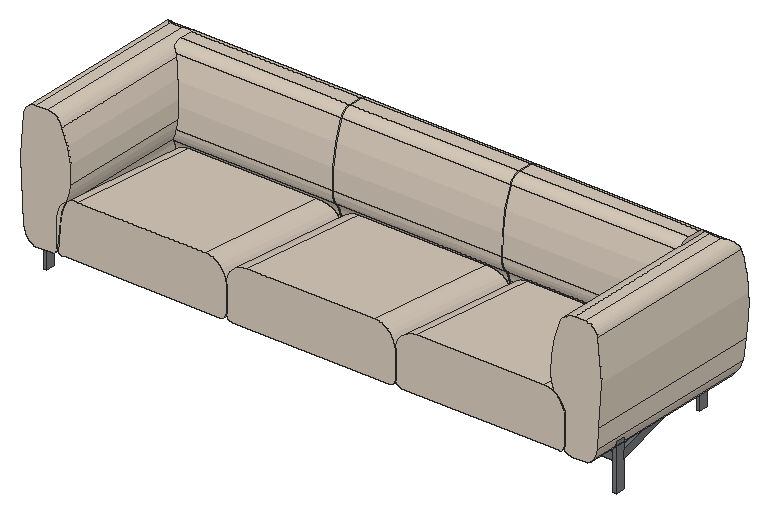
Revit family "FU_Sofa_Sandler_Krosa 7-3", category Furniture, Revit 2022
Family settings
  OmniClass Number = 23.40.20.00
  OmniClass Title = General Furniture and Specialties
  Work Plane-Based = No
  Always vertical = Yes
  Cut with Voids When Loaded = No
  Render Appearance Source = Family Geometry
  Shared = No
  Room Calculation Point = No
Parameters (values of type "Krosa 7.3")
  Width = 2790 mm
  Upholstery [instance] = Fabric - Manhattan - Bronx YI364
  URL = "https://www.sandlerseating.com/product/krosa-7-3/"
  Model = "Krose 7.3"
  Manufacturer = "Sandler"
  Height = 770 mm
  Frame [instance] = Metal Lacquered - RAL 7024 - Anthtacite
  Description = "Three-seat sofa with generous cushioning and proportions. Fully upholstered."
  Depth = 880 mm
  Default Elevation = 0 mm
Reference planes
  plane 1 "Center (Front/Back)": y = 0
  plane 2: z = 0
  plane 3 "Center (Left/Right)": x = 0
  plane 4 "Right": x = -1395
  plane 5 "Left": x = 1395
  plane 6 "Back": y = 440
  plane 7 "Front": y = -440
  plane 8 "Height": z = 770
  plane 9 "Seat Height": z = 425
  plane 10 "Frame Height": z = 169.633
Forms (mm)
  Extrusion 1, solid, material "Fabric - Manhattan - Bronx YI364" <- "Upholstery"
    sketch origin (0, -440, 0) x (-1, 0, 0) y (0, 0, 1)
      loop
        line (1318.682, 769.969) -> (1265.244, 769.969)
        arc (1265.244, 769.969) -> (1221.69, 756.296) -> (1193.766, 720.185) r 76.205
        arc (1193.766, 720.185) -> (1160.193, 606.67) -> (1152.922, 488.517) r 524.674
        arc (1152.922, 488.517) -> (1161.916, 437.402) -> (1183.047, 389.998) r 212.229
        arc (1183.047, 389.998) -> (1195.798, 354.974) -> (1202.27, 318.268) r 213.709
        line (1202.27, 318.268) -> (1213.198, 193.732)
        spline (1213.198, 193.732) -> (1214.007, 189.066) -> (1215.426, 184.805) -> (1217.454, 180.951) -> (1220.091, 177.502) -> (1223.338, 174.459) -> (1227.195, 171.822) -> (1231.66, 169.59) -> (1236.736, 167.764) -> (1242.42, 166.344) -> (1248.714, 165.33) -> (1255.617, 164.721) -> (1263.13, 164.518)
        line (1263.13, 164.518) -> (1318.838, 164.518)
        arc (1318.838, 164.518) -> (1341.308, 172.628) -> (1357.646, 190.054) r 51.164
        arc (1357.646, 190.054) -> (1370.439, 213.609) -> (1376.944, 239.613) r 106.486
        line (1376.944, 239.613) -> (1383.645, 335.57)
        arc (1383.645, 335.57) -> (1394.842, 527.806) -> (1377.888, 719.619) r 1316.998
        arc (1377.888, 719.619) -> (1357.542, 755.68) -> (1318.682, 769.969) r 59.986
    from 0 to 880
  SweptBlend 2, solid, material "Fabric - Manhattan - Bronx YI364" <- "Upholstery"
    path origin (0, 0, 169.633) x (-1, 0, 0) y (0, -1, 0)
      loop
        line (0, 440) -> (0, -268.885)
    profile origin (0, -440, 169.633) x (-1, 0, 0) y (0, 0, 1)
      loop
        arc (376, 0) -> (397.213, 8.787) -> (406, 30) r 30
        line (406, 30) -> (406, 155.367)
        arc (406, 155.367) -> (376.711, 226.077) -> (306, 255.367) r 100
        line (306, 255.367) -> (-306, 255.367)
        arc (-306, 255.367) -> (-376.711, 226.077) -> (-406, 155.367) r 100
        line (-406, 155.367) -> (-406, 30)
        arc (-406, 30) -> (-397.213, 8.787) -> (-376, 0) r 30
        line (-376, 0) -> (376, 0)
    end profile origin (0, 268.885, 169.633) x (-1, 0, 0) y (0, 0, 1)
      loop
        arc (386, 0) -> (400.142, 5.858) -> (406, 20) r 20
        line (406, 20) -> (406, 89.86)
        arc (406, 89.86) -> (376.711, 160.571) -> (306, 189.86) r 100
        line (306, 189.86) -> (-306, 189.86)
        arc (-306, 189.86) -> (-376.711, 160.571) -> (-406, 89.86) r 100
        line (-406, 89.86) -> (-406, 20)
        arc (-406, 20) -> (-400.142, 5.858) -> (-386, 0) r 20
        line (-386, 0) -> (386, 0)
  SweptBlend 3, solid, material "Fabric - Manhattan - Bronx YI364" <- "Upholstery"
    path origin (812, 0, 169.633) x (-1, 0, 0) y (0, -1, 0)
      loop
        line (0, 440) -> (0, -268.885)
    profile origin (812, -440, 169.633) x (-1, 0, 0) y (0, 0, 1)
      loop
        arc (376, 0) -> (397.213, 8.787) -> (406, 30) r 30
        line (406, 30) -> (406, 155.367)
        arc (406, 155.367) -> (376.711, 226.077) -> (306, 255.367) r 100
        line (306, 255.367) -> (-306, 255.367)
        arc (-306, 255.367) -> (-376.711, 226.077) -> (-406, 155.367) r 100
        line (-406, 155.367) -> (-406, 30)
        arc (-406, 30) -> (-397.213, 8.787) -> (-376, 0) r 30
        line (-376, 0) -> (376, 0)
    end profile origin (812, 268.885, 169.633) x (-1, 0, 0) y (0, 0, 1)
      loop
        arc (386, 0) -> (400.142, 5.858) -> (406, 20) r 20
        line (406, 20) -> (406, 89.86)
        arc (406, 89.86) -> (376.711, 160.571) -> (306, 189.86) r 100
        line (306, 189.86) -> (-306, 189.86)
        arc (-306, 189.86) -> (-376.711, 160.571) -> (-406, 89.86) r 100
        line (-406, 89.86) -> (-406, 20)
        arc (-406, 20) -> (-400.142, 5.858) -> (-386, 0) r 20
        line (-386, 0) -> (386, 0)
  SweptBlend 4, solid, material "Fabric - Manhattan - Bronx YI364" <- "Upholstery"
    path origin (-812, 0, 169.633) x (-1, 0, 0) y (0, -1, 0)
      loop
        line (0, 440) -> (0, -268.885)
    profile origin (-812, -440, 169.633) x (-1, 0, 0) y (0, 0, 1)
      loop
        arc (376, 0) -> (397.213, 8.787) -> (406, 30) r 30
        line (406, 30) -> (406, 155.367)
        arc (406, 155.367) -> (376.711, 226.077) -> (306, 255.367) r 100
        line (306, 255.367) -> (-306, 255.367)
        arc (-306, 255.367) -> (-376.711, 226.077) -> (-406, 155.367) r 100
        line (-406, 155.367) -> (-406, 30)
        arc (-406, 30) -> (-397.213, 8.787) -> (-376, 0) r 30
        line (-376, 0) -> (376, 0)
    end profile origin (-812, 268.885, 169.633) x (-1, 0, 0) y (0, 0, 1)
      loop
        arc (386, 0) -> (400.142, 5.858) -> (406, 20) r 20
        line (406, 20) -> (406, 89.86)
        arc (406, 89.86) -> (376.711, 160.571) -> (306, 189.86) r 100
        line (306, 189.86) -> (-306, 189.86)
        arc (-306, 189.86) -> (-376.711, 160.571) -> (-406, 89.86) r 100
        line (-406, 89.86) -> (-406, 20)
        arc (-406, 20) -> (-400.142, 5.858) -> (-386, 0) r 20
        line (-386, 0) -> (386, 0)
  Extrusion 5, solid, material "Fabric - Manhattan - Bronx YI364" <- "Upholstery"
    sketch origin (0, -440, 0) x (1, 0, 0) y (0, 0, -1)
      loop
        arc (1318.682, -769.969) -> (1357.542, -755.68) -> (1377.888, -719.619) r 59.986
        arc (1377.888, -719.619) -> (1394.842, -527.806) -> (1383.645, -335.57) r 1316.998
        line (1383.645, -335.57) -> (1376.944, -239.613)
        arc (1376.944, -239.613) -> (1370.439, -213.609) -> (1357.646, -190.054) r 106.486
        arc (1357.646, -190.054) -> (1341.308, -172.628) -> (1318.838, -164.518) r 51.164
        line (1318.838, -164.518) -> (1263.13, -164.518)
        spline (1263.13, -164.518) -> (1255.617, -164.721) -> (1248.714, -165.33) -> (1242.42, -166.344) -> (1236.736, -167.764) -> (1231.66, -169.59) -> (1227.195, -171.822) -> (1223.338, -174.459) -> (1220.091, -177.502) -> (1217.454, -180.951) -> (1215.426, -184.805) -> (1214.007, -189.066) -> (1213.198, -193.732)
        line (1213.198, -193.732) -> (1202.27, -318.268)
        arc (1202.27, -318.268) -> (1195.798, -354.974) -> (1183.047, -389.998) r 213.709
        arc (1183.047, -389.998) -> (1161.916, -437.402) -> (1152.922, -488.517) r 212.229
        arc (1152.922, -488.517) -> (1160.193, -606.67) -> (1193.766, -720.185) r 524.674
        arc (1193.766, -720.185) -> (1221.69, -756.296) -> (1265.244, -769.969) r 76.205
        line (1265.244, -769.969) -> (1318.682, -769.969)
    from 0 to 880
  Extrusion 6, solid, material "Fabric - Manhattan - Bronx YI364" <- "Upholstery"
    sketch origin (0, 0, 0) x (0, 1, 0) y (0, 0, 1)
      loop
        arc (301.52, 770) -> (269.678, 760.315) -> (248.623, 734.539) r 57.185
        arc (248.623, 734.539) -> (207.476, 592.359) -> (197.75, 444.665) r 686.756
        arc (197.75, 444.665) -> (201.991, 410.777) -> (216.353, 379.791) r 110.79
        arc (216.353, 379.791) -> (235.885, 352.907) -> (245.045, 320.964) r 95.683
        line (245.045, 320.964) -> (258.368, 194.204)
        arc (258.368, 194.204) -> (269.155, 173.033) -> (291.337, 164.518) r 33.151
        line (291.337, 164.518) -> (363.891, 164.518)
        arc (363.891, 164.518) -> (382.888, 169.273) -> (399.666, 179.373) r 66.245
        arc (399.666, 179.373) -> (417.325, 205.561) -> (427.089, 235.6) r 113.567
        arc (427.089, 235.6) -> (439.973, 424.145) -> (434.655, 613.055) r 1961.781
        arc (434.655, 613.055) -> (427.811, 671.355) -> (416.269, 728.908) r 724.4
        arc (416.269, 728.908) -> (399.005, 757.118) -> (368.543, 770) r 54.08
        line (368.543, 770) -> (301.52, 770)
    from 406 to 1218
  Extrusion 7, solid, material "Fabric - Manhattan - Bronx YI364" <- "Upholstery"
    sketch origin (0, 0, 0) x (0, 1, 0) y (0, 0, 1)
      loop
        arc (301.52, 770) -> (269.678, 760.315) -> (248.623, 734.539) r 57.185
        arc (248.623, 734.539) -> (207.476, 592.359) -> (197.75, 444.665) r 686.756
        arc (197.75, 444.665) -> (201.991, 410.777) -> (216.353, 379.791) r 110.79
        arc (216.353, 379.791) -> (235.885, 352.907) -> (245.045, 320.964) r 95.683
        line (245.045, 320.964) -> (258.368, 194.204)
        arc (258.368, 194.204) -> (269.155, 173.033) -> (291.337, 164.518) r 33.151
        line (291.337, 164.518) -> (363.891, 164.518)
        arc (363.891, 164.518) -> (382.888, 169.273) -> (399.666, 179.373) r 66.245
        arc (399.666, 179.373) -> (417.325, 205.561) -> (427.089, 235.6) r 113.567
        arc (427.089, 235.6) -> (439.973, 424.145) -> (434.655, 613.055) r 1961.781
        arc (434.655, 613.055) -> (427.811, 671.355) -> (416.269, 728.908) r 724.4
        arc (416.269, 728.908) -> (399.005, 757.118) -> (368.543, 770) r 54.08
        line (368.543, 770) -> (301.52, 770)
    from 406 to -406
  Extrusion 8, solid, material "Fabric - Manhattan - Bronx YI364" <- "Upholstery"
    sketch origin (0, 0, 0) x (0, 1, 0) y (0, 0, 1)
      loop
        arc (301.52, 770) -> (269.678, 760.315) -> (248.623, 734.539) r 57.185
        arc (248.623, 734.539) -> (207.476, 592.359) -> (197.75, 444.665) r 686.756
        arc (197.75, 444.665) -> (201.991, 410.777) -> (216.353, 379.791) r 110.79
        arc (216.353, 379.791) -> (235.885, 352.907) -> (245.045, 320.964) r 95.683
        line (245.045, 320.964) -> (258.368, 194.204)
        arc (258.368, 194.204) -> (269.155, 173.033) -> (291.337, 164.518) r 33.151
        line (291.337, 164.518) -> (363.891, 164.518)
        arc (363.891, 164.518) -> (382.888, 169.273) -> (399.666, 179.373) r 66.245
        arc (399.666, 179.373) -> (417.325, 205.561) -> (427.089, 235.6) r 113.567
        arc (427.089, 235.6) -> (439.973, 424.145) -> (434.655, 613.055) r 1961.781
        arc (434.655, 613.055) -> (427.811, 671.355) -> (416.269, 728.908) r 724.4
        arc (416.269, 728.908) -> (399.005, 757.118) -> (368.543, 770) r 54.08
        line (368.543, 770) -> (301.52, 770)
    from -1218 to -406
  Extrusion 9, void
    sketch origin (0, 0, 0) x (0, 1, 0) y (0, 0, 1)
      loop
        arc (417.304, 724.591) -> (428.155, 669.162) -> (434.655, 613.055) r 724.4
        arc (434.655, 613.055) -> (439.973, 424.145) -> (427.089, 235.6) r 1961.781
        arc (427.089, 235.6) -> (417.325, 205.561) -> (399.666, 179.373) r 113.567
        arc (399.666, 179.373) -> (378.672, 168.204) -> (355.322, 163.7) r 80
        line (355.322, 163.7) -> (355.322, 138.7) -> (495.322, 138.7) -> (495.322, 793.7) -> (360.938, 793.7) -> (360.938, 770.743)
        arc (360.938, 770.743) -> (396.928, 757.201) -> (417.304, 724.591) r 60
    from 1134.24 to 1415.022
  Extrusion 10, void
    sketch origin (0, 0, 0) x (0, 1, 0) y (0, 0, -1)
      loop
        arc (417.304, -724.591) -> (396.928, -757.201) -> (360.938, -770.743) r 60
        line (360.938, -770.743) -> (360.938, -793.7) -> (495.322, -793.7) -> (495.322, -138.7) -> (355.322, -138.7) -> (355.322, -163.7)
        arc (355.322, -163.7) -> (378.672, -168.204) -> (399.666, -179.373) r 80
        arc (399.666, -179.373) -> (417.325, -205.561) -> (427.089, -235.6) r 113.567
        arc (427.089, -235.6) -> (439.973, -424.145) -> (434.655, -613.055) r 1961.781
        arc (434.655, -613.055) -> (428.155, -669.162) -> (417.304, -724.591) r 724.4
    from 1134.24 to 1415.022
  Extrusion 11, solid, material "Metal Lacquered - RAL 7024 - Anthtacite" <- "Frame"
    sketch origin (0, 0, 0) x (0, 1, 0) y (0, 0, 1)
      loop
        line (-315.677, 129.72) -> (-299.696, 129.72) -> (-299.696, 169.633) -> (-315.677, 169.633) -> (-315.677, 129.72)
    from -1360 to 1360
  Extrusion 12, solid, material "Metal Lacquered - RAL 7024 - Anthtacite" <- "Frame"
    sketch origin (0, 0, 169.633) x (-1, 0, 0) y (0, -1, 0)
      loop
        line (-1359.831, 283.709) -> (-1359.831, 326.325) -> (-1374.989, 326.325) -> (-1374.989, 283.709) -> (-1359.831, 283.709)
    from 129.72 to -169.633
  Extrusion 13, solid, material "Metal Lacquered - RAL 7024 - Anthtacite" <- "Frame"
    sketch origin (0, 0, 169.633) x (-1, 0, 0) y (0, -1, 0)
      loop
        line (1226.288, -361.814) -> (1211.129, -361.814) -> (1211.129, -404.43) -> (1226.288, -404.43) -> (1226.288, -361.814)
    from 129.72 to -169.633
  Extrusion 14, solid, material "Metal Lacquered - RAL 7024 - Anthtacite" <- "Frame"
    sketch origin (0, 0, 169.633) x (1, 0, 0) y (0, 1, 0)
      loop
        line (-1359.831, -283.709) -> (-1374.989, -283.709) -> (-1374.989, -326.325) -> (-1359.831, -326.325) -> (-1359.831, -283.709)
    from 129.72 to -169.633
  Extrusion 15, solid, material "Metal Lacquered - RAL 7024 - Anthtacite" <- "Frame"
    sketch origin (0, 0, 169.633) x (1, 0, 0) y (0, 1, 0)
      loop
        line (1226.288, 361.814) -> (1226.288, 404.43) -> (1211.129, 404.43) -> (1211.129, 361.814) -> (1226.288, 361.814)
    from 129.72 to -169.633
  Extrusion 16, solid, material "Metal Lacquered - RAL 7024 - Anthtacite" <- "Frame"
    sketch origin (0, 0, 169.633) x (-1, 0, 0) y (0, -1, 0)
      loop
        line (412.217, -361.808) -> (397.059, -361.808) -> (397.059, -404.424) -> (412.217, -404.424) -> (412.217, -361.808)
      loop
        line (-412.217, -361.808) -> (-412.217, -404.424) -> (-397.059, -404.424) -> (-397.059, -361.808) -> (-412.217, -361.808)
    from -169.633 to 129.72
  Extrusion 17, solid, material "Metal Lacquered - RAL 7024 - Anthtacite" <- "Frame"
    sketch origin (0, 0, 169.633) x (-1, 0, 0) y (0, -1, 0)
      loop
        line (1374.989, 283.709) -> (1359.831, 283.709) -> (1211.129, -361.814) -> (1226.288, -361.814) -> (1374.989, 283.709)
      loop
        line (397.059, -361.808) -> (412.217, -361.808) -> (412.217, 299.696) -> (397.059, 299.696) -> (397.059, -361.808)
      loop
        line (-1374.989, 283.709) -> (-1226.288, -361.814) -> (-1211.129, -361.814) -> (-1359.831, 283.709) -> (-1374.989, 283.709)
      loop
        line (-397.059, -361.808) -> (-397.059, 299.696) -> (-412.217, 299.696) -> (-412.217, -361.808) -> (-397.059, -361.808)
    from -39.914 to 0
Cuts and joins
  Extrusion 9, Extrusion 10 cuts Extrusion 5
  Extrusion 10 cuts Extrusion 1
Dimensions and locks
  equal spacing: plane 6 "Back", plane 1 "Center (Front/Back)", plane 7 "Front"
  "Depth": plane 6 "Back" to plane 7 "Front"
  equal spacing: plane 4 "Right", plane 3 "Center (Left/Right)", plane 5 "Left"
  "Width": plane 4 "Right" to plane 5 "Left"
  "Height": plane 8 "Height" to level
  aligned and locked: level to plane 2
Automatic sketch dimensions
  Extrusion 1 sketch curve to plane 3 "Center (Left/Right)" = 77.992 mm
  Extrusion 1 sketch curve to plane 9 "Seat Height" = 125.345 mm
  plane 4 "Right" to Extrusion 1 sketch curve = 405.627 mm
  plane 4 "Right" to Extrusion 1 sketch curve = 192.73 mm
  plane 10 "Frame Height" to Extrusion 1 sketch curve = 24.098 mm
  Extrusion 1 sketch curve to Extrusion 1 sketch curve = 10.928 mm
  Extrusion 1 sketch curve to plane 10 "Frame Height" = 5.115 mm
  Extrusion 1 sketch curve to Extrusion 1 sketch curve = 49.932 mm
  Extrusion 1 sketch curve to plane 8 "Height" = 0.031 mm
  plane 4 "Right" to Extrusion 1 sketch curve = 129.756 mm
  Extrusion 1 sketch curve to Extrusion 1 sketch curve = 58.012 mm
  Extrusion 1 sketch curve to Extrusion 1 sketch curve = 41.973 mm
  Extrusion 1 sketch curve to Extrusion 1 sketch curve = 53.438 mm
  Extrusion 1 sketch curve to Extrusion 1 sketch curve = 5.655 mm
  plane 4 "Right" to Extrusion 1 sketch curve = 30.132 mm
  plane 4 "Right" to Extrusion 1 sketch curve = 18.056 mm
  plane 4 "Right" to Extrusion 1 sketch curve = 11.355 mm
  plane 9 "Seat Height" to Extrusion 1 sketch curve = 90.573 mm
  Extrusion 1 sketch curve to plane 4 "Right" = 281.897 mm
  plane 10 "Frame Height" to Extrusion 1 sketch curve = 45.735 mm
  Extrusion 1 sketch curve to Extrusion 1 sketch curve = 24.244 mm
  Extrusion 1 sketch curve to Extrusion 1 sketch curve = 36.88 mm
  Extrusion 1 sketch curve to Extrusion 1 sketch curve = 66.019 mm
  Extrusion 1 sketch curve to plane 9 "Seat Height" = 89.43 mm
  plane 9 "Seat Height" to Extrusion 1 sketch curve = 74.461 mm
  plane 9 "Seat Height" to Extrusion 1 sketch curve = 83.065 mm
  Extrusion 1 sketch curve to Extrusion 1 sketch curve = 76.205 mm
  Extrusion 1 sketch curve to Extrusion 1 sketch curve = 16.219 mm
  Extrusion 1 sketch curve to Extrusion 1 sketch curve = 49.348 mm
  Extrusion 1 sketch curve to Extrusion 1 sketch curve = 0 mm
  SweptBlend 2 sketch curve to plane 3 "Center (Left/Right)" = 0 mm
  SweptBlend 2 sketch curve to plane 7 "Front" = 0 mm
  SweptBlend 2 sketch curve to plane 6 "Back" = 171.115 mm
  SweptBlend 2 sketch curve to plane 10 "Frame Height" = 0 mm  (x2)
  profile plane to SweptBlend 2 sketch curve = 406 mm  (x2)
  SweptBlend 2 sketch curve to SweptBlend 2 sketch curve = 30 mm
  SweptBlend 2 sketch curve to SweptBlend 2 sketch curve = 100 mm  (x2)
  SweptBlend 2 sketch curve to profile plane = 306 mm  (x2)
  plane 10 "Frame Height" to SweptBlend 2 sketch curve = 30 mm
  SweptBlend 2 sketch curve to SweptBlend 2 sketch curve = 70 mm
  SweptBlend 2 sketch curve to SweptBlend 2 sketch curve = 125.367 mm
  plane 10 "Frame Height" to SweptBlend 2 sketch curve = 20 mm  (x2)
  plane 10 "Frame Height" to SweptBlend 2 sketch curve = 89.86 mm
  SweptBlend 2 sketch curve to SweptBlend 2 sketch curve = 80 mm
  SweptBlend 3 sketch curve to plane 7 "Front" = 0 mm
  SweptBlend 3 sketch curve to plane 6 "Back" = 171.115 mm
  SweptBlend 3 sketch curve to plane 5 "Left" = 583 mm
  SweptBlend 3 sketch curve to plane 10 "Frame Height" = 0 mm  (x2)
  profile plane to SweptBlend 3 sketch curve = 406 mm  (x2)
  SweptBlend 3 sketch curve to SweptBlend 3 sketch curve = 30 mm
  SweptBlend 3 sketch curve to SweptBlend 3 sketch curve = 100 mm  (x2)
  SweptBlend 3 sketch curve to profile plane = 306 mm  (x2)
  plane 10 "Frame Height" to SweptBlend 3 sketch curve = 30 mm
  SweptBlend 3 sketch curve to SweptBlend 3 sketch curve = 70 mm
  SweptBlend 3 sketch curve to SweptBlend 3 sketch curve = 125.367 mm
  plane 10 "Frame Height" to SweptBlend 3 sketch curve = 20 mm  (x2)
  plane 10 "Frame Height" to SweptBlend 3 sketch curve = 89.86 mm
  SweptBlend 3 sketch curve to SweptBlend 3 sketch curve = 80 mm
  SweptBlend 4 sketch curve to plane 7 "Front" = 0 mm
  SweptBlend 4 sketch curve to plane 6 "Back" = 171.115 mm
  plane 4 "Right" to SweptBlend 4 sketch curve = 583 mm
  SweptBlend 4 sketch curve to plane 10 "Frame Height" = 0 mm  (x2)
  profile plane to SweptBlend 4 sketch curve = 406 mm  (x2)
  SweptBlend 4 sketch curve to SweptBlend 4 sketch curve = 30 mm
  SweptBlend 4 sketch curve to SweptBlend 4 sketch curve = 100 mm  (x2)
  SweptBlend 4 sketch curve to profile plane = 306 mm  (x2)
  plane 10 "Frame Height" to SweptBlend 4 sketch curve = 30 mm
  SweptBlend 4 sketch curve to SweptBlend 4 sketch curve = 70 mm
  SweptBlend 4 sketch curve to SweptBlend 4 sketch curve = 125.367 mm
  plane 10 "Frame Height" to SweptBlend 4 sketch curve = 20 mm  (x2)
  plane 10 "Frame Height" to SweptBlend 4 sketch curve = 89.86 mm
  SweptBlend 4 sketch curve to SweptBlend 4 sketch curve = 80 mm
  plane 3 "Center (Left/Right)" to Extrusion 5 sketch curve = 77.992 mm
  Extrusion 5 sketch curve to plane 9 "Seat Height" = 125.345 mm
  Extrusion 5 sketch curve to plane 5 "Left" = 405.627 mm
  Extrusion 5 sketch curve to plane 5 "Left" = 192.73 mm
  plane 10 "Frame Height" to Extrusion 5 sketch curve = 24.098 mm
  Extrusion 5 sketch curve to Extrusion 5 sketch curve = 10.928 mm
  Extrusion 5 sketch curve to plane 10 "Frame Height" = 5.115 mm
  Extrusion 5 sketch curve to Extrusion 5 sketch curve = 49.932 mm
  Extrusion 5 sketch curve to plane 8 "Height" = 0.031 mm
  Extrusion 5 sketch curve to plane 5 "Left" = 129.756 mm
  Extrusion 5 sketch curve to Extrusion 5 sketch curve = 58.012 mm
  Extrusion 5 sketch curve to Extrusion 5 sketch curve = 41.973 mm
  Extrusion 5 sketch curve to Extrusion 5 sketch curve = 53.438 mm
  Extrusion 5 sketch curve to Extrusion 5 sketch curve = 5.655 mm
  Extrusion 5 sketch curve to plane 5 "Left" = 30.132 mm
  Extrusion 5 sketch curve to plane 5 "Left" = 18.056 mm
  Extrusion 5 sketch curve to plane 5 "Left" = 11.355 mm
  plane 9 "Seat Height" to Extrusion 5 sketch curve = 90.573 mm
  plane 5 "Left" to Extrusion 5 sketch curve = 281.897 mm
  Extrusion 5 sketch curve to Extrusion 5 sketch curve = 59.986 mm
  Extrusion 5 sketch curve to Extrusion 5 sketch curve = 16.219 mm
  plane 9 "Seat Height" to Extrusion 5 sketch curve = 83.065 mm
  plane 9 "Seat Height" to Extrusion 5 sketch curve = 74.461 mm
  Extrusion 5 sketch curve to plane 9 "Seat Height" = 89.43 mm
  Extrusion 5 sketch curve to plane 9 "Seat Height" = 106.732 mm
  Extrusion 5 sketch curve to Extrusion 5 sketch curve = 58.517 mm
  plane 10 "Frame Height" to Extrusion 5 sketch curve = 69.979 mm
  Extrusion 5 sketch curve to Extrusion 5 sketch curve = 50.851 mm
  Extrusion 5 sketch curve to Extrusion 5 sketch curve = 49.348 mm
  Extrusion 5 sketch curve to Extrusion 5 sketch curve = 0 mm
  Extrusion 6 sketch curve to plane 8 "Height" = 0 mm
  plane 9 "Seat Height" to Extrusion 6 sketch curve = 38.458 mm
  Extrusion 6 sketch curve to plane 7 "Front" = 1081.415 mm
  plane 7 "Front" to Extrusion 6 sketch curve = 152.363 mm
  Extrusion 6 sketch curve to plane 1 "Center (Front/Back)" = 149.885 mm
  Extrusion 6 sketch curve to plane 9 "Seat Height" = 104.036 mm
  Extrusion 6 sketch curve to Extrusion 6 sketch curve = 95.159 mm
  plane 10 "Frame Height" to Extrusion 6 sketch curve = 24.571 mm
  Extrusion 6 sketch curve to Extrusion 6 sketch curve = 13.323 mm
  Extrusion 6 sketch curve to plane 10 "Frame Height" = 5.115 mm
  Extrusion 6 sketch curve to Extrusion 6 sketch curve = 32.97 mm
  Extrusion 6 sketch curve to plane 8 "Height" = 57.185 mm
  Extrusion 6 sketch curve to plane 6 "Back" = 138.48 mm
  plane 9 "Seat Height" to Extrusion 6 sketch curve = 16.315 mm
  Extrusion 6 sketch curve to plane 6 "Back" = 131.511 mm
  Extrusion 6 sketch curve to Extrusion 6 sketch curve = 23.915 mm
  Extrusion 6 sketch curve to Extrusion 6 sketch curve = 42.232 mm
  Extrusion 6 sketch curve to Extrusion 6 sketch curve = 62.199 mm
  Extrusion 6 sketch curve to Extrusion 6 sketch curve = 6.407 mm
  Extrusion 6 sketch curve to Extrusion 6 sketch curve = 4.824 mm
  plane 9 "Seat Height" to Extrusion 6 sketch curve = 48.649 mm
  plane 6 "Back" to Extrusion 6 sketch curve = 443.894 mm
  plane 10 "Frame Height" to Extrusion 6 sketch curve = 60.819 mm
  Extrusion 6 sketch curve to Extrusion 6 sketch curve = 24.893 mm
  Extrusion 6 sketch curve to Extrusion 6 sketch curve = 10.002 mm
  Extrusion 6 sketch curve to plane 8 "Height" = 212.184 mm
  Extrusion 6 sketch curve to plane 8 "Height" = 53.864 mm
  plane 9 "Seat Height" to Extrusion 6 sketch curve = 19.665 mm
  Extrusion 6 sketch curve to Extrusion 6 sketch curve = 110.739 mm
  plane 10 "Frame Height" to Extrusion 6 sketch curve = 9.74 mm
  Extrusion 6 sketch curve to Extrusion 6 sketch curve = 0 mm
  Extrusion 6 sketch curve to plane 6 "Back" = 12.911 mm
  Extrusion 7 sketch curve to plane 8 "Height" = 0 mm
  plane 9 "Seat Height" to Extrusion 7 sketch curve = 38.458 mm
  Extrusion 7 sketch curve to plane 7 "Front" = 1081.415 mm
  plane 7 "Front" to Extrusion 7 sketch curve = 152.363 mm
  Extrusion 7 sketch curve to plane 1 "Center (Front/Back)" = 149.885 mm
  Extrusion 7 sketch curve to plane 9 "Seat Height" = 104.036 mm
  Extrusion 7 sketch curve to Extrusion 7 sketch curve = 95.159 mm
  plane 10 "Frame Height" to Extrusion 7 sketch curve = 24.571 mm
  Extrusion 7 sketch curve to Extrusion 7 sketch curve = 13.323 mm
  Extrusion 7 sketch curve to plane 10 "Frame Height" = 5.115 mm
  Extrusion 7 sketch curve to Extrusion 7 sketch curve = 32.97 mm
  Extrusion 7 sketch curve to plane 8 "Height" = 57.185 mm
  Extrusion 7 sketch curve to plane 6 "Back" = 138.48 mm
  plane 9 "Seat Height" to Extrusion 7 sketch curve = 16.315 mm
  Extrusion 7 sketch curve to plane 6 "Back" = 131.511 mm
  Extrusion 7 sketch curve to Extrusion 7 sketch curve = 23.915 mm
  Extrusion 7 sketch curve to Extrusion 7 sketch curve = 42.232 mm
  Extrusion 7 sketch curve to Extrusion 7 sketch curve = 62.199 mm
  Extrusion 7 sketch curve to Extrusion 7 sketch curve = 6.407 mm
  Extrusion 7 sketch curve to Extrusion 7 sketch curve = 4.824 mm
  plane 9 "Seat Height" to Extrusion 7 sketch curve = 48.649 mm
  plane 6 "Back" to Extrusion 7 sketch curve = 443.894 mm
  plane 10 "Frame Height" to Extrusion 7 sketch curve = 60.819 mm
  Extrusion 7 sketch curve to Extrusion 7 sketch curve = 24.893 mm
  Extrusion 7 sketch curve to Extrusion 7 sketch curve = 10.002 mm
  Extrusion 7 sketch curve to plane 8 "Height" = 212.184 mm
  Extrusion 7 sketch curve to plane 8 "Height" = 53.864 mm
  plane 9 "Seat Height" to Extrusion 7 sketch curve = 19.665 mm
  Extrusion 7 sketch curve to Extrusion 7 sketch curve = 110.739 mm
  plane 10 "Frame Height" to Extrusion 7 sketch curve = 9.74 mm
  Extrusion 7 sketch curve to Extrusion 7 sketch curve = 0 mm
  Extrusion 7 sketch curve to plane 6 "Back" = 12.911 mm
  Extrusion 8 sketch curve to plane 8 "Height" = 0 mm
  plane 9 "Seat Height" to Extrusion 8 sketch curve = 38.458 mm
  Extrusion 8 sketch curve to plane 7 "Front" = 1081.415 mm
  plane 7 "Front" to Extrusion 8 sketch curve = 152.363 mm
  Extrusion 8 sketch curve to plane 1 "Center (Front/Back)" = 149.885 mm
  Extrusion 8 sketch curve to plane 9 "Seat Height" = 104.036 mm
  Extrusion 8 sketch curve to Extrusion 8 sketch curve = 95.159 mm
  plane 10 "Frame Height" to Extrusion 8 sketch curve = 24.571 mm
  Extrusion 8 sketch curve to Extrusion 8 sketch curve = 13.323 mm
  Extrusion 8 sketch curve to plane 10 "Frame Height" = 5.115 mm
  Extrusion 8 sketch curve to Extrusion 8 sketch curve = 32.97 mm
  Extrusion 8 sketch curve to plane 8 "Height" = 57.185 mm
  Extrusion 8 sketch curve to plane 6 "Back" = 138.48 mm
  plane 9 "Seat Height" to Extrusion 8 sketch curve = 16.315 mm
  Extrusion 8 sketch curve to plane 6 "Back" = 131.511 mm
  Extrusion 8 sketch curve to Extrusion 8 sketch curve = 23.915 mm
  Extrusion 8 sketch curve to Extrusion 8 sketch curve = 42.232 mm
  Extrusion 8 sketch curve to Extrusion 8 sketch curve = 62.199 mm
  Extrusion 8 sketch curve to Extrusion 8 sketch curve = 6.407 mm
  Extrusion 8 sketch curve to Extrusion 8 sketch curve = 4.824 mm
  plane 9 "Seat Height" to Extrusion 8 sketch curve = 48.649 mm
  plane 6 "Back" to Extrusion 8 sketch curve = 443.894 mm
  plane 10 "Frame Height" to Extrusion 8 sketch curve = 60.819 mm
  Extrusion 8 sketch curve to Extrusion 8 sketch curve = 24.893 mm
  Extrusion 8 sketch curve to Extrusion 8 sketch curve = 10.002 mm
  Extrusion 8 sketch curve to plane 8 "Height" = 212.184 mm
  Extrusion 8 sketch curve to plane 8 "Height" = 53.864 mm
  plane 9 "Seat Height" to Extrusion 8 sketch curve = 19.665 mm
  Extrusion 8 sketch curve to Extrusion 8 sketch curve = 110.739 mm
  plane 10 "Frame Height" to Extrusion 8 sketch curve = 9.74 mm
  Extrusion 8 sketch curve to Extrusion 8 sketch curve = 0 mm
  Extrusion 8 sketch curve to plane 6 "Back" = 12.911 mm
  plane 9 "Seat Height" to Extrusion 9 sketch curve = 38.458 mm
  Extrusion 9 sketch curve to plane 7 "Front" = 1081.415 mm
  plane 7 "Front" to Extrusion 9 sketch curve = 152.363 mm
  Extrusion 9 sketch curve to plane 6 "Back" = 124.748 mm
  Extrusion 9 sketch curve to Extrusion 9 sketch curve = 36.759 mm
  Extrusion 9 sketch curve to plane 10 "Frame Height" = 30.934 mm
  Extrusion 9 sketch curve to plane 6 "Back" = 84.678 mm
  Extrusion 9 sketch curve to plane 6 "Back" = 81.084 mm
  plane 8 "Height" to Extrusion 9 sketch curve = 23.7 mm
  Extrusion 9 sketch curve to plane 6 "Back" = 79.062 mm
  plane 6 "Back" to Extrusion 9 sketch curve = 55.322 mm
  Extrusion 9 sketch curve to plane 10 "Frame Height" = 5.934 mm
  plane 10 "Frame Height" to Extrusion 9 sketch curve = 73.998 mm
  Extrusion 9 sketch curve to Extrusion 9 sketch curve = 11.714 mm
  Extrusion 9 sketch curve to plane 8 "Height" = 212.184 mm
  Extrusion 9 sketch curve to plane 8 "Height" = 59.223 mm
  plane 8 "Height" to Extrusion 9 sketch curve = 0.743 mm
  plane 10 "Frame Height" to Extrusion 9 sketch curve = 9.74 mm
  Extrusion 9 sketch curve to Extrusion 9 sketch curve = 0 mm
  Extrusion 9 sketch curve to plane 6 "Back" = 12.911 mm
  plane 9 "Seat Height" to Extrusion 10 sketch curve = 38.458 mm
  Extrusion 10 sketch curve to plane 7 "Front" = 1081.415 mm
  plane 7 "Front" to Extrusion 10 sketch curve = 152.363 mm
  Extrusion 10 sketch curve to plane 6 "Back" = 124.748 mm
  Extrusion 10 sketch curve to Extrusion 10 sketch curve = 36.759 mm
  Extrusion 10 sketch curve to plane 10 "Frame Height" = 30.934 mm
  Extrusion 10 sketch curve to plane 6 "Back" = 84.678 mm
  Extrusion 10 sketch curve to plane 6 "Back" = 81.084 mm
  plane 8 "Height" to Extrusion 10 sketch curve = 23.7 mm
  Extrusion 10 sketch curve to plane 6 "Back" = 79.062 mm
  plane 6 "Back" to Extrusion 10 sketch curve = 55.322 mm
  plane 8 "Height" to Extrusion 10 sketch curve = 0.743 mm
  Extrusion 10 sketch curve to plane 8 "Height" = 59.223 mm
  Extrusion 10 sketch curve to plane 8 "Height" = 212.184 mm
  plane 10 "Frame Height" to Extrusion 10 sketch curve = 85.712 mm
  Extrusion 10 sketch curve to Extrusion 10 sketch curve = 11.714 mm
  Extrusion 10 sketch curve to plane 10 "Frame Height" = 5.934 mm
  plane 10 "Frame Height" to Extrusion 10 sketch curve = 9.74 mm
  Extrusion 10 sketch curve to Extrusion 10 sketch curve = 0 mm
  Extrusion 10 sketch curve to plane 6 "Back" = 12.911 mm
  Extrusion 11 sketch curve to plane 10 "Frame Height" = 0 mm
  plane 7 "Front" to Extrusion 11 sketch curve = 124.323 mm
  Extrusion 11 sketch curve to Extrusion 11 sketch curve = 15.981 mm
  Extrusion 11 sketch curve to plane 10 "Frame Height" = 39.914 mm
  Extrusion 12 sketch curve to plane 5 "Left" = 20.011 mm
  Extrusion 12 sketch curve to Extrusion 12 sketch curve = 15.158 mm
  plane 7 "Front" to Extrusion 12 sketch curve = 156.291 mm
  Extrusion 12 sketch curve to Extrusion 12 sketch curve = 42.616 mm
  Extrusion 13 sketch curve to plane 6 "Back" = 78.186 mm
  plane 4 "Right" to Extrusion 13 sketch curve = 183.871 mm
  Extrusion 13 sketch curve to Extrusion 13 sketch curve = 15.158 mm
  Extrusion 13 sketch curve to plane 6 "Back" = 35.57 mm
  plane 4 "Right" to Extrusion 14 sketch curve = 20.011 mm
  Extrusion 14 sketch curve to Extrusion 14 sketch curve = 15.158 mm
  plane 7 "Front" to Extrusion 14 sketch curve = 113.675 mm
  Extrusion 14 sketch curve to Extrusion 14 sketch curve = 42.616 mm
  Extrusion 15 sketch curve to plane 6 "Back" = 78.186 mm
  Extrusion 15 sketch curve to plane 5 "Left" = 183.871 mm
  Extrusion 15 sketch curve to Extrusion 15 sketch curve = 15.158 mm
  Extrusion 15 sketch curve to plane 6 "Back" = 35.57 mm
  Extrusion 16 sketch curve to plane 6 "Back" = 35.576 mm  (x2)
  plane 3 "Center (Left/Right)" to Extrusion 16 sketch curve = 412.217 mm
  Extrusion 16 sketch curve to Extrusion 16 sketch curve = 15.158 mm  (x2)
  Extrusion 16 sketch curve to plane 6 "Back" = 78.192 mm
  Extrusion 16 sketch curve to plane 3 "Center (Left/Right)" = 397.059 mm
  Extrusion 16 sketch curve to Extrusion 16 sketch curve = 42.616 mm
  Extrusion 17 sketch curve to plane 5 "Left" = 20.011 mm
  Extrusion 17 sketch curve to Extrusion 17 sketch curve = 15.158 mm  (x6)
  Extrusion 17 sketch curve to plane 6 "Back" = 78.186 mm  (x2)
  Extrusion 17 sketch curve to plane 5 "Left" = 168.712 mm
  plane 7 "Front" to Extrusion 17 sketch curve = 140.304 mm  (x2)
  plane 3 "Center (Left/Right)" to Extrusion 17 sketch curve = 412.217 mm
  Extrusion 17 sketch curve to plane 3 "Center (Left/Right)" = 397.059 mm
  plane 4 "Right" to Extrusion 17 sketch curve = 183.871 mm
  plane 4 "Right" to Extrusion 17 sketch curve = 35.169 mm
  Extrusion 17 sketch curve to plane 6 "Back" = 78.192 mm  (x2)
  plane 7 "Front" to Extrusion 17 sketch curve = 156.291 mm  (x2)
